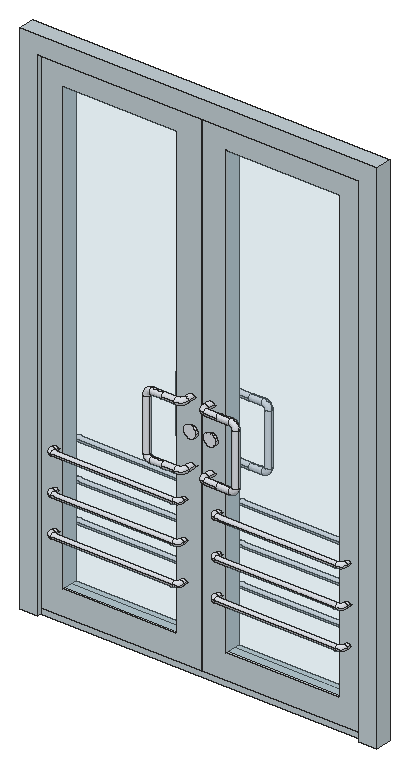
Revit family "AC_ДверьВитражная_Двупольная_Алюминиевая", category Двери, Revit 2019
Family settings
  Номер OmniClass = 23.30.10.00
  Заголовок OmniClass = Doors
  Всегда вертикально = Да
  При загрузке вырезать с полостями = Нет
  Общий = Нет
  Точка расчета площади = Нет
Parameters (values of type "Остекленные (с защитным ограждением)")
  Ширина [instance] = 1440.00 mm
  Функция = Наружные слои
  Угол открывания 30 [instance] = no
  Толщина = 50.00 mm
  Тип полотна 2 = АС-Полотно : Остекленное
  Тип полотна 1 = АС-Полотно : Остекленное
  Ручка двери = ADSK_Металл_Окрашенный_Белый матовый
  Рама2_Ширина_Справа = 100.00 mm
  Рама2_Ширина_Снизу = 100.00 mm
  Рама2_Ширина_Слева = 100.00 mm
  Рама2_Ширина_Сверху = 100.00 mm
  Рама1_Ширина_Справа = 100.00 mm
  Рама1_Ширина_Снизу = 100.00 mm
  Рама1_Ширина_Слева = 100.00 mm
  Рама1_Ширина_Сверху = 100.00 mm
  Рама двери = ADSK_Металл_Алюминий
  Равные полотна = yes
  Ручка Правая = yes
  Порог_Высота = 20.00 mm
  Полотно2_Ширина [instance] = Полотна_Ширина - Полотно1_Размер  # 660.00 mm
  Полотно1_Ширина [instance] = 800.00 mm
  Полотно1_Размер [instance] = if(Равные полотна, Полотна_Ширина / 2, Полотно1_Ширина)  # 660.00 mm
  Полотна_Ширина [instance] = Ширина - Коробка_Ширина * 2  # 1320.00 mm
  Полотна_Высота [instance] = Высота - Коробка_Ширина - Порог_Высота  # 2020.00 mm
  Панель двери = ADSK_Металл_Алюминий
  Остекление двери = ADSK_Стекло_Прозрачное бесцветное
  Описание = "Дверь алюминиевая остекленная наружная"
  Аналитическая конструкция = "<Нет>"
  ADSK_Обозначение = "ГОСТ 23747-2015"
  ADSK_Наименование = "ДAН О П Дв Р"
  Ручка Левая = yes
  Коробка_Ширина = 60.00 mm
  Коробка_Толщина = 65.00 mm
  Инструкция по семейству [instance] = ""
  Защитное ограждение = yes
  Высота [instance] = 2100.00 mm
  ADSK_Этаж [instance] = ""
  ADSK_Примечание [instance] = ""
  ADSK_Предел огнестойкости = ""
  ADSK_Позиция [instance] = ""
  ADSK_Открывание [instance] = if(Равные полотна, "Равные полотна", if(Полотно1_Ширина > Полотно2_Ширина, "Левая", "Правая"))  # "Равные полотна"
  ADSK_Наименование краткое = ""
  ADSK_Масса_Текст = ""
  ADSK_Количество [instance] = 0
  ADSK_Код изделия = ""
  ADSK_Зона [instance] = ""
  ADSK_Завод-изготовитель = ""
  ADSK_Единица измерения = ""
  ADSK_Группирование [instance] = ""
  ADSK_Версия семейства = "1.0"  # constant formula
  ADSK_Версия Revit = "v2019"  # constant formula
  ADSK_URL страницы изделия = ""
  ADSK_URL документации изделия = ""
Reference planes
  plane 1 "По центру (Вперед/Назад)": y = 0
  plane 2: z = 0
  plane 3 "По центру (Влево/Вправо)": x = 82.523
  plane 4: x = -637.477
  plane 5: x = 802.523
  plane 6 "Верх": z = 2100
  plane 7: y = 32.5
  plane 8: y = -32.5
  plane 9: x = -577.477
  plane 10: x = 742.523
  plane 11: y = -17.5
  plane 12: z = 2040
  plane 13: z = 20
  plane 14: z = 1050
  plane 15: x = 82.523
Forms (mm)
  Sweep 1, solid, material "ADSK_Металл_Алюминий" <- "Панель двери"
    path origin (0, 0, 0) x (1, 0, 0) y (0, 0, 1)
      loop
        line (-637.477, 0) -> (-637.477, 2100) -> (802.523, 2100) -> (802.523, 0)
    profile origin (802.523, 0, 1050) x (0, -1, 0) y (1, 0, 0)
      loop
        line (32.5, 0) -> (-32.5, 0) -> (-32.5, -60) -> (17.5, -60) -> (17.5, -70) -> (32.5, -70) -> (32.5, 0)
  Extrusion 2, solid, material "ADSK_Металл_Алюминий" <- "Панель двери", detail levels coarse
    sketch origin (0, 0, 0) x (1, 0, 0) y (0, 1, 0)
      loop
        line (-637.477, -32.5) -> (802.523, -32.5) -> (802.523, 32.5) -> (-637.477, 32.5) -> (-637.477, -32.5)
    from 0 to 2100
  Extrusion 3, solid, material "ADSK_Металл_Алюминий" <- "Панель двери"
    sketch origin (0, 0, 0) x (1, 0, 0) y (0, 0, 1)
      loop
        line (-577.477, 20) -> (-577.477, 0) -> (742.523, 0) -> (742.523, 20) -> (-577.477, 20)
    from -32.5 to 17.5
Lines and regions (mm)
  Masking region 1, detail levels medium+fine
    outline origin (82.523, 0, 0) x (0, 1, 0) y (0, 0, 1)
      loop
        line (-17.5, 2040) -> (32.5, 2040) -> (32.5, 2100) -> (-32.5, 2100) -> (-32.5, 2030) -> (-17.5, 2030) -> (-17.5, 2040)
  Masking region 2, detail levels medium+fine
    outline origin (82.523, 0, 0) x (0, 1, 0) y (0, 0, 1)
      loop
        line (-32.5, 0) -> (32.5, 0) -> (32.5, 20) -> (-17.5, 20) -> (-17.5, 30) -> (-32.5, 30) -> (-32.5, 0)
  Masking region 3, detail levels medium+fine
    outline origin (82.523, 0, 0) x (0, 1, 0) y (0, 0, 1)
      loop
        line (-17.5, 20) -> (32.5, 20) -> (32.5, 2040) -> (-17.5, 2040) -> (-17.5, 20)
  Masking region 4, detail levels coarse
    outline origin (82.523, 0, 0) x (0, 1, 0) y (0, 0, 1)
      loop
        line (32.5, 0) -> (32.5, 2100) -> (-32.5, 2100) -> (-32.5, 0) -> (32.5, 0)
  symbolic lines, style "DoorsFrameMullionProjection", detail levels medium+fine
    curve 1: line (82.523, -32.5, 2030) -> (82.523, -32.5, 30)
  symbolic lines, style "Открывание", visible <- "Ручка Левая", detail levels medium
    curve 2: line (742.523, 0, 2040) -> (82.523, 0, 1050)
    curve 3: line (742.523, 0, 20) -> (82.523, 0, 1050)
  symbolic lines, style "Открывание", visible <- "Ручка Правая", detail levels medium
    curve 4: line (-577.477, 0, 2040) -> (82.523, 0, 1050)
    curve 5: line (-577.477, 0, 20) -> (82.523, 0, 1050)
Text (mm)
  text "Наружный" at (-1161.5, 797.241, 0), in view "Опорный уровень "
Dimensions and locks
  equal spacing: plane 4, plane 3 "По центру (Влево/Вправо)", plane 5  (x2)
  "Ширина": plane 4 to plane 5
  equal spacing: plane 7, plane 1 "По центру (Вперед/Назад)", plane 8
  "Коробка_Толщина": plane 7 to plane 8
  "Коробка_Ширина": plane 4 to plane 9
  "Коробка_Ширина": plane 10 to plane 5
  "Толщина": plane 7 to plane 11
  "Высота": plane 6 "Верх" to plane 2
  "Коробка_Ширина": plane 12 to plane 6 "Верх"
  "Порог_Высота": plane 2 to plane 13
  locked: Sweep 1 sketch curve to plane 10 at 10
  plane 13 to plane 12 = 2020.00 mm
  equal spacing: plane 2, plane 14, plane 6 "Верх"
  "Полотно1_Размер": plane 15 to plane 10
  aligned and locked: level to plane 2
  aligned and locked: plane 5 to Sweep 1 sketch curve
  aligned and locked: plane 4 to Sweep 1 sketch curve
  aligned and locked: plane 6 "Верх" to Sweep 1 sketch curve
  aligned and locked: profile plane to Sweep 1 sketch curve
  aligned and locked: plane 7 to Sweep 1 sketch curve
  aligned and locked: plane 8 to Sweep 1 sketch curve
  aligned and locked: plane 10 to Sweep 1 sketch curve
  aligned and locked: plane 11 to Sweep 1 sketch curve
  aligned and locked: Extrusion 2 sketch curve to plane 4
  aligned and locked: Extrusion 2 sketch curve to plane 5
  aligned and locked: Extrusion 2 sketch curve to plane 7
  aligned and locked: Extrusion 2 sketch curve to plane 8
  aligned and locked: Extrusion 2 to plane 6 "Верх"
  aligned and locked: nested 1 to plane 13
  aligned and locked: nested 1 to plane 7
  aligned and locked: nested 2 to plane 7
  aligned and locked: plane 7 to nested 3
  aligned and locked: Masking region 1 sketch curve to Sweep 1  (x2)
  aligned and locked: Sweep 1 to Masking region 1 sketch curve
  aligned and locked: plane 8 to Masking region 1 sketch curve
  aligned and locked: plane 6 "Верх" to Masking region 1 sketch curve
  aligned and locked: plane 7 to Masking region 1 sketch curve
  aligned and locked: plane 8 to Masking region 2 sketch curve
  aligned and locked: plane 2 to Masking region 2 sketch curve
  aligned and locked: plane 7 to Masking region 2 sketch curve
  aligned and locked: plane 13 to Masking region 2 sketch curve
  aligned and locked: plane 11 to Masking region 2 sketch curve
  aligned and locked: plane 11 to Masking region 3 sketch curve
  aligned and locked: plane 7 to Masking region 3 sketch curve
  aligned and locked: plane 13 to Masking region 3 sketch curve
  aligned and locked: plane 12 to Masking region 3 sketch curve
  aligned and locked: plane 7 to Masking region 4 sketch curve
  aligned and locked: plane 8 to Masking region 4 sketch curve
  aligned and locked: plane 6 "Верх" to Masking region 4 sketch curve
  aligned and locked: plane 2 to Masking region 4 sketch curve
  aligned and locked: Sweep 1 to curve 1  (x2)
  aligned and locked: curve 3 to Sweep 1
  aligned and locked: plane 12 to curve 2
  aligned and locked: plane 10 to curve 2
  aligned and locked: plane 13 to curve 3
  aligned and locked: Sweep 1 to curve 4
  aligned and locked: Sweep 1 to curve 5
  aligned and locked: plane 10 to nested 1
  aligned and locked: plane 7 to nested 4
  aligned and locked: plane 9 to nested 4
  aligned and locked: plane 15 to nested 1
  aligned and locked: nested 1 to plane 15  (x2)
  aligned and locked: nested 4 to plane 13
  aligned and locked: nested 1 to curve 3
  aligned and locked: nested 5 to plane 7
  aligned and locked: nested 5 to plane 5
  aligned and locked: nested 6 to plane 4
  aligned and locked: plane 7 to nested 6
  aligned and locked: plane 15 to nested 3
  aligned and locked: plane 15 to nested 2
  aligned and locked: plane 2 to Extrusion 3 sketch curve
  aligned and locked: plane 9 to Extrusion 3 sketch curve
  aligned and locked: Extrusion 3 sketch curve to plane 13
  aligned and locked: Extrusion 3 sketch curve to plane 10
  aligned and locked: plane 7 to Extrusion 3
  aligned and locked: Extrusion 3 to plane 11
Automatic sketch dimensions
  curve 5 to plane 13 = 0.00 mm
  curve 3 to plane 14 = 0.00 mm
  curve 4 to plane 12 = 0.00 mm
  Sweep 1 sketch curve to level = 0.00 mm  (x2)
  plane 13 to curve 1 = 10.00 mm
  plane 13 to Masking region 2 sketch curve = 10.00 mm
Nested families
  nested 1: "АС-Полотно" at (412.523, 32.5, 20), Остекление двери <- "Остекление двери", Полотно двери <- "Панель двери", Фурнитура <- "Ручка двери", Полотно двери.Толщина <- "Толщина", Рама.Ширина справа <- "Рама1_Ширина_Справа", Рама.Ширина слева <- "Рама1_Ширина_Слева", Рама.Ширина внизу <- "Рама1_Ширина_Снизу", Рама.Ширина вверху <- "Рама1_Ширина_Сверху", Защитные ограждения <- "Защитное ограждение", type <- "Тип полотна 1", Полотно двери.Высота <- "Полотна_Высота", Полотно двери.Ширина <- "Полотно1_Размер", type "Остекленное"
    with Фурнитура ADSK_Металл_Окрашенный_Белый матовый, Рама.Ширина справа 100.00 mm, Рама.Ширина слева 100.00 mm, Рама.Ширина внизу 100.00 mm, Рама.Ширина вверху 100.00 mm, Полотно двери.Ширина 660.00 mm, Полотно двери.Толщина 50.00 mm, Полотно двери.Высота 2020.00 mm, Полотно двери ADSK_Металл_Алюминий, Остекление двери ADSK_Стекло_Прозрачное бесцветное, Защитные ограждения yes
  nested 2: "АС-Ручка двери" at (82.523, 32.5, 0), Ручка двери <- "Ручка двери", Полотно двери.Толщина <- "Толщина", visible <- "Ручка Правая", type "АС-Стандарт"
    with Ручка двери ADSK_Металл_Окрашенный_Белый матовый, Полотно двери.Толщина 50.00 mm, Отступ ручки от края 40.00 mm, Высота расположения ручки 1000.00 mm
  nested 3: "АС-Ручка двери" at (82.523, 32.5, 0) x (-1, 0, 0) z (0, 0, 1), Ручка двери <- "Ручка двери", Полотно двери.Толщина <- "Толщина", visible <- "Ручка Левая", type "АС-Стандарт"
    with Ручка двери ADSK_Металл_Окрашенный_Белый матовый, Полотно двери.Толщина 50.00 mm, Отступ ручки от края 40.00 mm, Высота расположения ручки 1000.00 mm
  nested 4: "АС-Полотно" at (-247.477, 32.5, 20) x (-1, 0, 0) z (0, 0, 1), Рама.Ширина справа <- "Рама2_Ширина_Справа", Рама.Ширина слева <- "Рама2_Ширина_Слева", Рама.Ширина внизу <- "Рама2_Ширина_Снизу", Рама.Ширина вверху <- "Рама2_Ширина_Сверху", Полотно двери.Высота <- "Полотна_Высота", Полотно двери.Толщина <- "Толщина", Защитные ограждения <- "Защитное ограждение", type <- "Тип полотна 2", Фурнитура <- "Ручка двери", Полотно двери <- "Панель двери", Остекление двери <- "Остекление двери", Полотно двери.Ширина <- "Полотно2_Ширина", type "Остекленное"
    with Фурнитура ADSK_Металл_Окрашенный_Белый матовый, Рама.Ширина справа 100.00 mm, Рама.Ширина слева 100.00 mm, Рама.Ширина внизу 100.00 mm, Рама.Ширина вверху 100.00 mm, Полотно двери.Ширина 660.00 mm, Полотно двери.Толщина 50.00 mm, Полотно двери.Высота 2020.00 mm, Полотно двери ADSK_Металл_Алюминий, Остекление двери ADSK_Стекло_Прозрачное бесцветное, Защитные ограждения yes
  nested 5: "АС-Навесная-Двупольная-Обозначение на плане" at (802.523, 32.5, 0), Коробка.Ширина <- "Коробка_Ширина", Коробка.Толщина <- "Коробка_Толщина", Толщина <- "Толщина", Height <- "Высота", Rough Width <- "Полотно1_Размер", type "АС-Стандарт"
    with built-in parameter 1001301 720.00 mm, Толщина 50.00 mm, built-in parameter 1001305 660.00 mm, Коробка.Ширина 60.00 mm, Коробка.Толщина 65.00 mm, built-in parameter 1001300 2100.00 mm
  nested 6: "АС-Навесная-Двупольная-Обозначение на плане" at (-637.477, 32.5, 0) x (-1, 0, 0) z (0, 0, 1), Коробка.Ширина <- "Коробка_Ширина", Коробка.Толщина <- "Коробка_Толщина", Толщина <- "Толщина", Height <- "Высота", Rough Width <- "Полотно2_Ширина", type "АС-Стандарт"
    with built-in parameter 1001301 720.00 mm, Толщина 50.00 mm, built-in parameter 1001305 660.00 mm, Коробка.Ширина 60.00 mm, Коробка.Толщина 65.00 mm, built-in parameter 1001300 2100.00 mm
Definition of nested family "АС-Полотно"
  Parameters
    Фурнитура [instance] = none
    Рама.Ширина справа [instance] = 150.00 mm
    Рама.Ширина слева [instance] = 150.00 mm
    Рама.Ширина внизу [instance] = 600.00 mm
    Рама.Ширина вверху [instance] = 150.00 mm
    Полотно двери.Ширина [instance] = 1000.00 mm
    Полотно двери.Толщина [instance] = 40.00 mm
    Полотно двери.Высота [instance] = 2100.00 mm
    Полотно двери [instance] = none
    Остекленная = not(Глухая)  # yes
    Защитное ограждение.Высота расположения = 600.00 mm
    Глухая = no
    Остекление двери [instance] = none
    Защитные ограждения [instance] = no
    Default Elevation = 0.00 mm
  Reference planes
    plane 1 "Center (Front/Back)": y = 0
    plane 2: z = 0
    plane 3 "Center (Left/Right)": x = 0
    plane 4: x = -500
    plane 5: x = 500
    plane 6 "Back": y = -40
    plane 7: z = 2100
    plane 8 "Остекление снаружи": y = -8
    plane 9 "Остекление внутри": y = -32
    plane 10 "Ширина рамы справа": x = -350
    plane 11 "Ширина рамы слева": x = 350
    plane 12 "Ширина рамы внизу": z = 600
    plane 13 "Ширина рамы вверху": z = 1950
    plane 14: z = 600
    plane 15: z = 450
    plane 16: z = 300
  Forms (mm)
    Extrusion 1, solid, material <- "Остекление двери", visible <- "Остекленная", detail levels medium+fine
      sketch origin (-646.608, -8, 1200) x (-1, 0, 0) y (0, 0, 1)
        loop
          line (-296.608, 750) -> (-996.608, 750) -> (-996.608, -1050) -> (-296.608, -1050) -> (-296.608, 750)
      from 0 to -24
    Sweep 2, solid, material <- "Фурнитура", visible <- "Защитные ограждения", detail levels medium+fine
      path origin (-858.179, -1524, 600) x (-1, 0, 0) y (0, -1, 0)
        loop
          arc (-478.179, -1469) -> (-482.572, -1458.393) -> (-493.179, -1454) r 15
          line (-493.179, -1454) -> (-1223.179, -1454)
          arc (-1223.179, -1454) -> (-1233.785, -1458.393) -> (-1238.179, -1469) r 15
          line (-1238.179, -1469) -> (-1238.179, -1554)
          arc (-1238.179, -1554) -> (-1233.785, -1564.607) -> (-1223.179, -1569) r 15
          line (-1223.179, -1569) -> (-493.179, -1569)
          arc (-493.179, -1569) -> (-482.572, -1564.607) -> (-478.179, -1554) r 15
          line (-478.179, -1554) -> (-478.179, -1469)
      profile origin (-380, -12.5, 600) x (-1, 0, 0) y (0, 0, 1)
        loop
          circle (0, 0) r 10
    Sweep 3, solid, material <- "Фурнитура", visible <- "Защитные ограждения", detail levels medium+fine
      path origin (-858.179, -1524, 450) x (-1, 0, 0) y (0, -1, 0)
        loop
          arc (-478.179, -1469) -> (-482.572, -1458.393) -> (-493.179, -1454) r 15
          line (-493.179, -1454) -> (-1223.179, -1454)
          arc (-1223.179, -1454) -> (-1233.785, -1458.393) -> (-1238.179, -1469) r 15
          line (-1238.179, -1469) -> (-1238.179, -1554)
          arc (-1238.179, -1554) -> (-1233.785, -1564.607) -> (-1223.179, -1569) r 15
          line (-1223.179, -1569) -> (-493.179, -1569)
          arc (-493.179, -1569) -> (-482.572, -1564.607) -> (-478.179, -1554) r 15
          line (-478.179, -1554) -> (-478.179, -1469)
      profile origin (-380, -12.5, 450) x (-1, 0, 0) y (0, 0, 1)
        loop
          circle (0, 0) r 10
    Sweep 4, solid, material <- "Фурнитура", visible <- "Защитные ограждения", detail levels medium+fine
      path origin (-858.179, -1524, 300) x (-1, 0, 0) y (0, -1, 0)
        loop
          arc (-478.179, -1469) -> (-482.572, -1458.393) -> (-493.179, -1454) r 15
          line (-493.179, -1454) -> (-1223.179, -1454)
          arc (-1223.179, -1454) -> (-1233.785, -1458.393) -> (-1238.179, -1469) r 15
          line (-1238.179, -1469) -> (-1238.179, -1554)
          arc (-1238.179, -1554) -> (-1233.785, -1564.607) -> (-1223.179, -1569) r 15
          line (-1223.179, -1569) -> (-493.179, -1569)
          arc (-493.179, -1569) -> (-482.572, -1564.607) -> (-478.179, -1554) r 15
          line (-478.179, -1554) -> (-478.179, -1469)
      profile origin (-380, -12.5, 300) x (-1, 0, 0) y (0, 0, 1)
        loop
          circle (0, 0) r 10
    Sweep 5, solid, material <- "Полотно двери", visible <- "Остекленная", detail levels medium+fine
      path origin (0, 0, 0) x (1, 0, 0) y (0, 0, 1)
        loop
          line (-500, 2100) -> (-500, 0) -> (500, 0) -> (500, 2100) -> (-500, 2100)
      profile origin (-500, 0, 1050) x (0, -1, 0) y (1, 0, 0)
        loop
          line (40, 0) -> (40, 150) -> (-15, 150) -> (-15, -15) -> (0, -15) -> (0, 0) -> (40, 0)
    Extrusion 6, solid, material <- "Полотно двери", visible <- "Глухая", detail levels medium+fine
      sketch origin (0, 0, 0) x (1, 0, 0) y (0, 0, 1)
        loop
          line (-500, 2100) -> (-500, 0) -> (500, 0) -> (500, 2100) -> (-500, 2100)
      from 0 to 40
    Extrusion 7, solid, material <- "Полотно двери", visible <- "Глухая", detail levels medium+fine
      sketch origin (0, 0, 0) x (1, 0, 0) y (0, 0, 1)
        loop
          line (515, 2115) -> (-500, 2115) -> (-500, -15) -> (515, -15) -> (515, 2115)
      from 0 to -15
    Extrusion 8, void
      sketch origin (0, -40, 0) x (-1, 0, 0) y (0, 0, 1)
        loop
          line (515, 2115) -> (500, 2115) -> (500, -15) -> (515, -15) -> (515, 2115)
      from 0 to 55
  Cuts and joins
    Extrusion 8 cuts Extrusion 6
    Extrusion 8 cuts Extrusion 7
    joined: Extrusion 6, Extrusion 7
    Extrusion 8 cuts Sweep 5
  Dimensions and locks
    "Полотно двери.Толщина": plane 1 "Center (Front/Back)" to plane 6 "Back"
    equal spacing: plane 4, plane 3 "Center (Left/Right)", plane 5
    "Полотно двери.Ширина": plane 4 to plane 5
    "Полотно двери.Высота": plane 7 to plane 2
    locked: plane 9 "Остекление внутри" to plane 6 "Back" at 8
    locked: plane 1 "Center (Front/Back)" to plane 8 "Остекление снаружи" at 8
    "Рама.Ширина вверху": plane 7 to plane 13 "Ширина рамы вверху"
    "Рама.Ширина внизу": plane 12 "Ширина рамы внизу" to plane 2
    "Рама.Ширина справа": plane 5 to plane 11 "Ширина рамы слева"
    "Рама.Ширина слева": plane 10 "Ширина рамы справа" to plane 4
    "Защитное ограждение.Высота расположения": plane 14 to plane 2
    plane 14 to plane 15 to plane 16 = 150.00 mm locked, 150.00 mm locked
    locked: Extrusion 7 to Sweep 2 sketch curve at 30
    locked: Sweep 2 sketch curve to profile plane at 0
    locked: profile plane to Sweep 2 sketch curve at 0
    locked: Sweep 2 sketch curve to plane 6 "Back" at 30
    locked: Sweep 3 sketch curve to profile plane at 0
    locked: profile plane to Sweep 3 sketch curve at 0
    locked: Sweep 3 sketch curve to plane 6 "Back" at 30
    locked: plane 1 "Center (Front/Back)" to Sweep 3 sketch curve at 45
    locked: Sweep 4 sketch curve to profile plane at 0
    locked: profile plane to Sweep 4 sketch curve at 0
    locked: Sweep 4 sketch curve to plane 6 "Back" at 30
    locked: plane 1 "Center (Front/Back)" to Sweep 4 sketch curve at 45
    plane 7 to plane 2 = 2100.00 mm
    locked: Sweep 2 sketch curve to plane 10 "Ширина рамы справа" at 30
    locked: plane 11 "Ширина рамы слева" to Sweep 2 sketch curve at 30
    locked: plane 11 "Ширина рамы слева" to Sweep 3 sketch curve at 30
    locked: Sweep 3 sketch curve to plane 10 "Ширина рамы справа" at 30
    locked: Sweep 4 sketch curve to plane 10 "Ширина рамы справа" at 30
    locked: plane 11 "Ширина рамы слева" to Sweep 4 sketch curve at 30
    locked: Sweep 2 sketch curve to Sweep 2 sketch curve at 15  (x8)
    locked: Sweep 3 sketch curve to Sweep 3 sketch curve at 15  (x8)
    locked: Sweep 4 sketch curve to Sweep 4 sketch curve at 15  (x8)
    locked: plane 1 "Center (Front/Back)" to Sweep 5 sketch curve at 15
    locked: Sweep 5 sketch curve to plane 4 at 15
    aligned and locked: level to plane 2
    aligned and locked: plane 10 "Ширина рамы справа" to Extrusion 1 sketch curve
    aligned and locked: plane 11 "Ширина рамы слева" to Extrusion 1 sketch curve
    aligned and locked: plane 13 "Ширина рамы вверху" to Extrusion 1 sketch curve
    aligned and locked: Extrusion 1 to plane 8 "Остекление снаружи"
    aligned and locked: Extrusion 1 to plane 9 "Остекление внутри"
    aligned and locked: Sweep 5 sketch curve to plane 4
    aligned and locked: Sweep 5 sketch curve to plane 5
    aligned and locked: Sweep 5 sketch curve to plane 2
    aligned and locked: Sweep 5 sketch curve to plane 7
    aligned and locked: plane 6 "Back" to Sweep 5 sketch curve
    aligned and locked: plane 10 "Ширина рамы справа" to Sweep 5 sketch curve
    aligned and locked: plane 4 to Sweep 5 sketch curve
    aligned and locked: plane 1 "Center (Front/Back)" to Sweep 5 sketch curve
    aligned and locked: Extrusion 6 sketch curve to plane 4
    aligned and locked: Extrusion 6 sketch curve to plane 5
    aligned and locked: Extrusion 6 sketch curve to plane 2
    aligned and locked: Extrusion 6 sketch curve to plane 7
    aligned and locked: Extrusion 7 sketch curve to Sweep 5  (x2)
    aligned and locked: Sweep 5 to Extrusion 7 sketch curve
    aligned and locked: Extrusion 6 to plane 6 "Back"
    aligned and locked: Extrusion 7 to Sweep 5
    aligned and locked: plane 4 to Extrusion 7 sketch curve
    aligned and locked: Extrusion 8 sketch curve to Sweep 5  (x2)
    aligned and locked: cut or joined group of Extrusion 6, Extrusion 7, Extrusion 8 to Extrusion 8 sketch curve
    aligned and locked: Extrusion 8 sketch curve to cut or joined group of Extrusion 6, Extrusion 7, Extrusion 8
    aligned and locked: Extrusion 8 to Sweep 5
    aligned and locked: Extrusion 1 sketch curve to cut or joined group of Sweep 5, Extrusion 8
  Automatic sketch dimensions
    radius of Sweep 2 sketch curve = 10.00 mm
    radius of Sweep 3 sketch curve = 10.00 mm
    radius of Sweep 4 sketch curve = 10.00 mm
Definition of nested family "АС-Ручка двери"
  Parameters
    Ручка двери [instance] = none
    Полотно двери.Толщина [instance] = 90.00 mm
    Отступ ручки от края = 90.00 mm
    Высота расположения ручки = 900.00 mm
    Default Elevation = 0.00 mm
  Reference planes
    plane 1 "Наружная сторона полотна": y = 0
    plane 2: z = 0
    plane 3 "Край полотна": x = 0
    plane 4 "Вертикаль расположения": x = 90
    plane 5 "Горизонталь расположения": z = 900
    plane 6 "Внутренняя сторона полотна": y = -90
    plane 7: z = 650
    plane 8: y = 65
    plane 9: y = -140
  Forms (mm)
    Sweep 1, solid, material <- "Ручка двери", detail levels fine
      path origin (0, 0, 900) x (1, 0, 0) y (0, 1, 0)
        loop
          line (160, 65) -> (110, 65)
          arc (110, 65) -> (95.858, 59.142) -> (90, 45) r 20
          line (90, 45) -> (90, -120)
          arc (90, -120) -> (95.858, -134.142) -> (110, -140) r 20
          line (110, -140) -> (160, -140)
      profile origin (90, -37.5, 900) x (1, 0, 0) y (0, 0, 1)
        loop
          circle (0, 0) r 12
    Extrusion 2, solid, material <- "Ручка двери", detail levels fine
      sketch origin (0, 0, 0) x (1, 0, 0) y (0, 0, 1)
        loop
          circle (90, 775) r 25
      from 98 to -23
    Sweep 3, solid, material <- "Ручка двери", detail levels fine
      path origin (592.846, -30.48, 650) x (1, 0, 0) y (0, 1, 0)
        loop
          line (-432.846, 95.48) -> (-482.846, 95.48)
          arc (-482.846, 95.48) -> (-496.988, 89.622) -> (-502.846, 75.48) r 20
          line (-502.846, 75.48) -> (-502.846, -89.52)
          arc (-502.846, -89.52) -> (-496.988, -103.662) -> (-482.846, -109.52) r 20
          line (-482.846, -109.52) -> (-432.846, -109.52)
      profile origin (90, -37.5, 650) x (1, 0, 0) y (0, 0, 1)
        loop
          circle (0, 0) r 12
    Sweep 4, solid, material <- "Ручка двери", detail levels fine
      path origin (160, 65, 1200) x (1, 0, 0) y (0, 0, 1)
        loop
          line (0, -300) -> (50, -300)
          arc (50, -300) -> (64.142, -305.858) -> (70, -320) r 20
          line (70, -320) -> (70, -530)
          arc (70, -530) -> (64.142, -544.142) -> (50, -550) r 20
          line (50, -550) -> (0, -550)
      profile origin (185, 65, 900) x (0, 0, 1) y (0, -1, 0)
        loop
          circle (0, 0) r 12
    Sweep 5, solid, material <- "Ручка двери", detail levels fine
      path origin (160, -140, 1200) x (1, 0, 0) y (0, 0, 1)
        loop
          line (0, -300) -> (50, -300)
          arc (50, -300) -> (64.142, -305.858) -> (70, -320) r 20
          line (70, -320) -> (70, -530)
          arc (70, -530) -> (64.142, -544.142) -> (50, -550) r 20
          line (50, -550) -> (0, -550)
      profile origin (185, -140, 900) x (0, 0, 1) y (0, -1, 0)
        loop
          circle (0, 0) r 12
  Cuts and joins
    joined: Sweep 1, Sweep 3, Sweep 4, Sweep 5
  Dimensions and locks
    "Отступ ручки от края": plane 3 "Край полотна" to plane 4 "Вертикаль расположения"
    "Высота расположения ручки": plane 5 "Горизонталь расположения" to level
    "Полотно двери.Толщина": plane 1 "Наружная сторона полотна" to plane 6 "Внутренняя сторона полотна"
    locked: plane 1 "Наружная сторона полотна" to Extrusion 2 at 23
    locked: plane 6 "Внутренняя сторона полотна" to Extrusion 2 at 8
    locked: Extrusion 2 sketch curve to plane 5 "Горизонталь расположения" at 125
    locked: Extrusion 2 sketch curve to plane 4 "Вертикаль расположения"
    locked: plane 1 "Наружная сторона полотна" to Sweep 1 sketch curve at 65
    locked: plane 6 "Внутренняя сторона полотна" to Sweep 1 sketch curve at 50
    locked: plane 4 "Вертикаль расположения" to Sweep 1 sketch curve at 70  (x2)
    locked: Sweep 1 sketch curve to plane 5 "Горизонталь расположения"
    locked: plane 4 "Вертикаль расположения" to Sweep 1 sketch curve at 0
    locked: plane 1 "Наружная сторона полотна" to Sweep 3 sketch curve at 65
    locked: plane 6 "Внутренняя сторона полотна" to Sweep 3 sketch curve at 50
    locked: plane 4 "Вертикаль расположения" to Sweep 3 sketch curve at 70  (x2)
    locked: plane 7 to plane 5 "Горизонталь расположения" at 250
    locked: plane 8 to plane 1 "Наружная сторона полотна" at 65
    locked: plane 9 to plane 6 "Внутренняя сторона полотна" at 50
    locked: Sweep 4 sketch curve to plane 4 "Вертикаль расположения" at 140
    locked: Sweep 5 sketch curve to plane 4 "Вертикаль расположения" at 140
    aligned and locked: Sweep 1 sketch curve to plane 4 "Вертикаль расположения"
    aligned and locked: Sweep 3 sketch curve to plane 4 "Вертикаль расположения"
    aligned and locked: plane 7 to Sweep 4 sketch curve
    aligned and locked: plane 5 "Горизонталь расположения" to Sweep 4 sketch curve
    aligned and locked: plane 5 "Горизонталь расположения" to Sweep 5 sketch curve
    aligned and locked: plane 7 to Sweep 5 sketch curve
  Automatic sketch dimensions
    plane 4 "Вертикаль расположения" to Sweep 1 sketch curve = 20.00 mm  (x2)
    plane 4 "Вертикаль расположения" to Sweep 3 sketch curve = 20.00 mm  (x2)
    Sweep 3 sketch curve to plane 7 = 0.00 mm
    profile plane to Sweep 3 sketch curve = 0.00 mm
    Sweep 4 sketch curve to Sweep 4 sketch curve = 20.00 mm
    Sweep 4 sketch curve to plane 5 "Горизонталь расположения" = 20.00 mm
    Sweep 4 sketch curve to Sweep 4 sketch curve = 50.00 mm  (x2)
    Sweep 4 sketch curve to plane 8 = 0.00 mm
    profile plane to Sweep 4 sketch curve = 0.00 mm
    profile plane to Sweep 5 sketch curve = 0.00 mm
    Sweep 5 sketch curve to profile plane = 0.00 mm
    plane 4 "Вертикаль расположения" to Sweep 5 sketch curve = 70.00 mm
    Sweep 5 sketch curve to Sweep 5 sketch curve = 50.00 mm  (x2)
    Sweep 5 sketch curve to plane 5 "Горизонталь расположения" = 20.00 mm
    radius of Sweep 1 sketch curve = 12.00 mm
    radius of Extrusion 2 sketch curve = 25.00 mm
    radius of Sweep 3 sketch curve = 12.00 mm
    radius of Sweep 4 sketch curve = 12.00 mm
    radius of Sweep 5 sketch curve = 12.00 mm
Definition of nested family "АС-Навесная-Двупольная-Обозначение на плане"
  Parameters
    Открывание двери 90 = not(Открывание двери 30)  # yes
    Открывание двери 30 = no
    Линия открывания (дуга) = not(Открывание двери 30)  # yes
    Коробка.Ширина [instance] = 40.00 mm
    Коробка.Толщина [instance] = 80.00 mm
    Width [instance] = Rough Width + Коробка.Ширина  # 1040.00 mm
    Thickness [instance] = 40.00 mm
    Rough Width [instance] = 1000.00 mm
    Height [instance] = 2100.00 mm
    Default Elevation = 0.00 mm
  Reference planes
    plane 1 "Center (Front/Back)": y = 0
    plane 2: z = 0
    plane 3 "Center (Left/Right)": x = 0
    plane 4 "Полотно справа": x = 0
    plane 5 "Полотно. Внутренняя сторона": y = -40
    plane 6 "Коробка. Внутренняя сторона": y = -80
    plane 7 "Коробка.Внутренняя сторона слева": x = -1040
    plane 8 "Коробка. Внутренняя сторона справа": x = -40
  Lines and regions (mm)
    Masking region 1, detail levels fine
      outline origin (0, 0, 0) x (1, 0, 0) y (0, 1, 0)
        loop
          line (0, 0) -> (-40, 0) -> (-40, -40) -> (-50, -40) -> (-50, -80) -> (0, -80) -> (0, 0)
    Masking region 2, visible <- "Открывание двери 90", detail levels fine
      outline origin (0, 0, 0) x (1, 0, 0) y (0, 1, 0)
        loop
          line (-40, 0) -> (-40, 1000) -> (-80, 1000) -> (-80, 0) -> (-40, 0)
    Masking region 3, visible <- "Открывание двери 30", detail levels fine
      outline origin (0, 0, 0) x (1, 0, 0) y (0, 1, 0)
        loop
          line (-40, 0) -> (-906.025, 500) -> (-926.025, 465.359) -> (-60, -34.641) -> (-40, 0)
    symbolic lines, visible <- "Открывание двери 30", detail levels coarse+medium
      curve 1: line (0, 0, 0) -> (-900.666, 520, 0)
    symbolic lines, visible <- "Открывание двери 90", detail levels coarse+medium
      curve 2: line (0, 0, 0) -> (0, 1040, 0)
    symbolic lines, visible <- "Линия открывания (дуга)", detail levels coarse+medium
      curve 3: arc (0, 1040, 0) -> (-735.391, 735.391, 0) -> (-1040, 0, 0) r 1040
    symbolic lines, visible <- "Линия открывания (дуга)", detail levels fine
      curve 4: arc (-1040, 0, 0) -> (-747.107, 707.107, 0) -> (-40, 1000, 0) r 1000
    model lines
      curve 5: line (0, 0, 0) -> (0, 0, 2100)
  Dimensions and locks
    "Thickness": plane 1 "Center (Front/Back)" to plane 5 "Полотно. Внутренняя сторона"
    plane 1 "Center (Front/Back)" to plane 6 "Коробка. Внутренняя сторона" = 80.00 mm
    "Коробка.Толщина": plane 6 "Коробка. Внутренняя сторона" to plane 1 "Center (Front/Back)"
    "Rough Width": plane 7 "Коробка.Внутренняя сторона слева" to plane 8 "Коробка. Внутренняя сторона справа"
    "Width": curve 1 to curve 1
    "Width": plane 1 "Center (Front/Back)" to curve 2
    locked: Masking region 1 sketch curve to Masking region 1 sketch curve at 10
    "Rough Width": plane 1 "Center (Front/Back)" to Masking region 2 sketch curve
    "Thickness": Masking region 2 sketch curve to plane 8 "Коробка. Внутренняя сторона справа"
    "Rough Width": Masking region 3 sketch curve to Masking region 3 sketch curve
    "Thickness": Masking region 3 sketch curve to Masking region 3 sketch curve
    "Height": curve 5 to level
    "Коробка.Ширина": plane 8 "Коробка. Внутренняя сторона справа" to plane 4 "Полотно справа"
    "Width": radius of curve 3
    "Rough Width": radius of curve 4
    locked: curve 1 to plane 1 "Center (Front/Back)" (angle 30.00°)
    locked: Masking region 3 sketch curve to plane 1 "Center (Front/Back)" (angle 30.00°)
    aligned and locked: level to plane 2
    aligned and locked: plane 1 "Center (Front/Back)" to curve 2
    aligned and locked: Masking region 1 sketch curve to plane 4 "Полотно справа"
    aligned and locked: Masking region 1 sketch curve to plane 8 "Коробка. Внутренняя сторона справа"
    aligned and locked: Masking region 1 sketch curve to plane 6 "Коробка. Внутренняя сторона"
    aligned and locked: Masking region 1 sketch curve to plane 5 "Полотно. Внутренняя сторона"
    aligned and locked: Masking region 1 sketch curve to plane 1 "Center (Front/Back)"
    aligned and locked: plane 8 "Коробка. Внутренняя сторона справа" to curve 4
    aligned and locked: Masking region 1 to Masking region 2 sketch curve
    aligned and locked: Masking region 2 sketch curve to Masking region 1
    aligned and locked: plane 8 "Коробка. Внутренняя сторона справа" to Masking region 3 sketch curve
    aligned and locked: plane 2 to curve 5
    aligned and locked: plane 3 "Center (Left/Right)" to curve 5
    aligned and locked: plane 3 "Center (Left/Right)" to curve 2
    aligned and locked: plane 3 "Center (Left/Right)" to plane 4 "Полотно справа"
  Automatic sketch dimensions
    plane 1 "Center (Front/Back)" to Masking region 3 sketch curve = 0.00 mm
